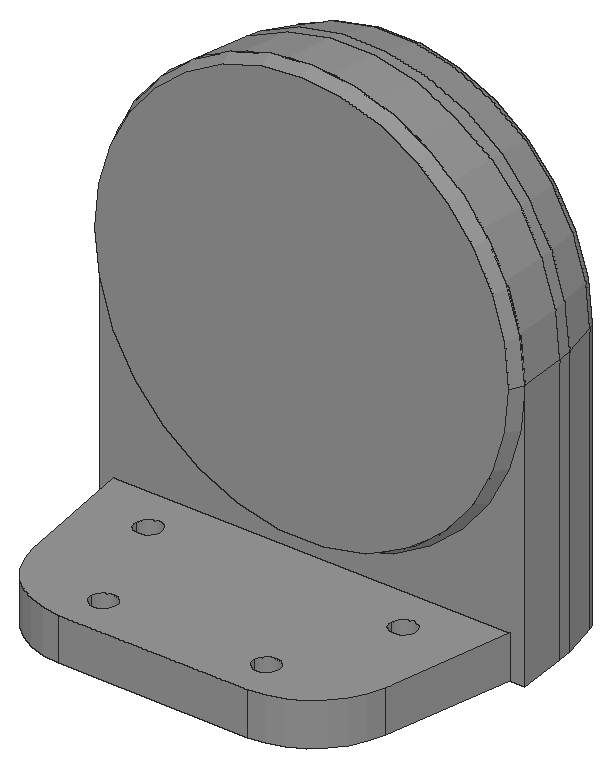
Revit family "ACC-MNT-3", category Security Devices, host Face, Revit 2019
Family settings
  Host = Face
  Maintain Annotation Orientation = Yes
  Round Connector Dimension = Use Diameter
  Part Type = Normal
  Cut with Voids When Loaded = No
  Shared = No
  Room Calculation Point = Yes
Parameters (values of type "ACC-MNT-3")
  URL = "https://docs.verkada.com/docs/accessories-overview.pdf"
  Type Image = <None>
  Model = "ACC-MNT-3"
  Manufacturer = "VERKADA"  # constant formula
  Description = "L-BRACKET BRACKET"
  Default Elevation = 2438.40 mm  # constant formula
Reference planes
  plane 1 "Center (Front/Back)": y = 0
  plane 2: z = 0
  plane 3 "Center (Left/Right)": x = 0
  plane 4: y = 58.5
  plane 5: x = -75
  plane 6: y = -58.5
  plane 7: x = 75
  plane 8: z = 170
Forms (mm)
  Extrusion 1, solid, material "Verkada White"
    sketch origin (0, 0, 0) x (1, 0, 0) y (0, 0, 1)
      loop
        line (-75, 0) -> (75, 0) -> (75, 95)
        arc (75, 95) -> (0, 170) -> (-75, 95) r 75
        line (-75, 95) -> (-75, 0)
    from -40 to 0
  Sweep 2, void
    path in 3D
      loop
        line (-75, 40, 0) -> (-75, 40, 95)
        arc (-75, 40, 95) -> (0, 40, 170) -> (75, 40, 95) r 75
        line (75, 40, 95) -> (75, 40, 0)
    profile origin (-75, 40, 47.5) x (0, 1, 0) y (-1, 0, 0)
      loop
        arc (-3.621, -6.044) -> (-1.35, -7.238) -> (0, -9.421) r 4.873
        line (0, -9.421) -> (0, -10.7) -> (0.991, -10.7) -> (0.991, 0) -> (-40, 0) -> (-22.352, -1.544) -> (-17.25, -2.352) -> (-3.621, -6.044)
  Blend 3, solid, material "Verkada White"
    base sketch origin (0, 0, 0) x (1, 0, 0) y (0, 0, 1)
      loop
        circle (0, 95) r 75
    top sketch origin (0, 0, 0) x (1, 0, 0) y (0, 0, 1)
      loop
        circle (0, 95) r 73
    from 0 to 4.5
  Extrusion 4, solid, material "Verkada White"
    sketch origin (0, 0, 0) x (1, 0, 0) y (0, 1, 0)
      loop
        line (-69.871, 0) -> (-62.174, -45.329)
        arc (-62.174, -45.329) -> (-52.272, -62.844) -> (-33.468, -70) r 29.636
        line (-33.468, -70) -> (33.468, -70)
        arc (33.468, -70) -> (52.272, -62.844) -> (62.174, -45.329) r 29.636
        line (62.174, -45.329) -> (69.871, 0) -> (-69.871, 0)
    from 0 to 15.055
  Extrusion 5, void
    sketch origin (6.617, 31.13, 0) x (1, 0, 0) y (0, 1, 0)
      loop
        circle (38.383, -47.058) r 4.5
      loop
        circle (22.133, -87.058) r 4.5
      loop
        circle (-51.617, -47.058) r 4.5
      loop
        circle (-35.367, -87.058) r 4.5
    from 0 to 50
Cuts and joins
  Sweep 2 cuts Extrusion 1
  Extrusion 5 cuts Extrusion 4
Lines and regions (mm)
  sketch lines
    curve 1: line (-75, 40, 0) -> (-75, 40, 95)
    curve 2: arc (75, 40, 95) -> (0, 40, 170) -> (-75, 40, 95) r 75
    curve 3: line (75, 40, 95) -> (75, 40, 0)
Dimensions and locks
  equal spacing: plane 5, plane 3 "Center (Left/Right)", plane 7
  plane 5 to plane 7 = 150.00 mm
  equal spacing: plane 6, plane 1 "Center (Front/Back)", plane 4
  plane 6 to plane 4 = 117.00 mm
  aligned and locked: plane 2 to host face
  aligned and locked: level to host face
  aligned and locked: plane 5 to Extrusion 1 sketch curve
  aligned and locked: level to Extrusion 1 sketch curve
  aligned and locked: Extrusion 1 sketch curve to plane 7
Automatic sketch dimensions
  host sketch curve to host sketch curve = 2438.40 mm  (x2)
  plane 8 to Extrusion 1 sketch curve = 75.00 mm
  Sweep 2 sketch curve to profile plane = 0.00 mm
  profile plane to Sweep 2 sketch curve = 0.00 mm
  profile plane to Sweep 2 sketch curve = 3.621 mm
  profile plane to Sweep 2 sketch curve = 4.673 mm
  Sweep 2 sketch curve to profile plane = 2.352 mm
  Sweep 2 sketch curve to Sweep 2 sketch curve = 13.629 mm
  Sweep 2 sketch curve to profile plane = 1.544 mm
  Sweep 2 sketch curve to Sweep 2 sketch curve = 5.102 mm
  Sweep 2 sketch curve to Sweep 2 sketch curve = 17.648 mm
  Sweep 2 sketch curve to profile plane = 0.991 mm
  Sweep 2 sketch curve to profile plane = 6.044 mm
  Sweep 2 sketch curve to Sweep 2 sketch curve = 3.377 mm
  Sweep 2 sketch curve to Sweep 2 sketch curve = 1.28 mm
  Blend 3 sketch curve to plane 3 "Center (Left/Right)" = 0.00 mm  (x2)
  plane 8 to Blend 3 sketch curve = 75.00 mm  (x2)
  plane 1 "Center (Front/Back)" to Extrusion 4 sketch curve = 0.00 mm
  plane 5 to Extrusion 4 sketch curve = 5.129 mm
  plane 5 to Extrusion 4 sketch curve = 12.826 mm
  plane 6 to Extrusion 4 sketch curve = 11.50 mm
  Extrusion 4 sketch curve to plane 3 "Center (Left/Right)" = 33.468 mm
  Extrusion 4 sketch curve to plane 6 = 18.132 mm
  Extrusion 4 sketch curve to Extrusion 4 sketch curve = 0.512 mm  (x2)
  plane 3 "Center (Left/Right)" to Extrusion 4 sketch curve = 32.956 mm
  Extrusion 4 sketch curve to plane 7 = 12.826 mm
  Extrusion 4 sketch curve to plane 7 = 5.129 mm
  Extrusion 4 sketch curve to plane 6 = 13.171 mm
  plane 5 to Extrusion 5 sketch curve = 30.00 mm
  Extrusion 5 sketch curve to plane 6 = 2.571 mm  (x2)
  Extrusion 5 sketch curve to plane 3 "Center (Left/Right)" = 28.75 mm
  plane 3 "Center (Left/Right)" to Extrusion 5 sketch curve = 28.75 mm
  Extrusion 5 sketch curve to plane 7 = 30.00 mm
  plane 1 "Center (Front/Back)" to Extrusion 5 sketch curve = 15.929 mm  (x2)
  radius of Blend 3 sketch curve = 75.00 mm
  radius of Blend 3 sketch curve = 73.00 mm
  radius of Extrusion 5 sketch curve = 4.50 mm  (x4)
Connectors
  electrical at (0, 0, 0)
    settings: index 2, voltage 0 V, apparent load 0 VA, apparent load phase1 0 VA, apparent load phase2 0 VA, apparent load phase3 0 VA, power factor 1, load classification "Other", number of poles 1, system type 5, power factor state 1, is connector primary yes, connector utility no, sub classification motor no, connector description ""
